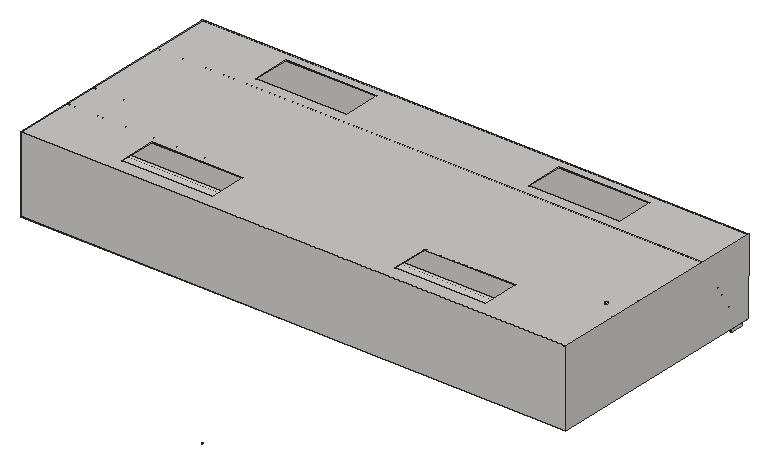
Revit family "QF_ELECTROLUXPROFESSIONAL_641263_STPF1536", category Specialty Equipment, Revit 2014
Reference planes
  plane 1: z = 0
  plane 2 "Center (Left/Right)": x = 150
  plane 3 "LEFT": x = -1650
  plane 4 "RIGHT": x = 1950
  plane 5 "BACK": y = 550
  plane 6 "TOP": z = 2500
  plane 7 "Base": z = 2000
  plane 8: z = 1955
  plane 9 "DrainY": y = 490
  plane 10: x = -1647
  plane 11 "DrainX": x = 1830
  plane 12 "AOLeft2": x = -450
  plane 13 "AORight1": x = 750
  plane 14: x = 1947
  plane 15: x = -1450
  plane 16: x = 1750
  plane 17 "Center (Front/Back)": y = -100
  plane 18 "Front": y = -950
  plane 19 "AOLeft1": x = -1050
  plane 20 "AORight2": x = 1350
  plane 21: y = -864
  plane 22: y = -614
  plane 23: y = 240
  plane 24: y = 490
  plane 25 "EI_y": y = -470
  plane 26 "EIx": x = 1830
Forms (mm)
  Extrusion 1, solid, material "QF_Finishes_Stainless Steel"
    sketch origin (-1650, 0, 360) x (0, 1, 0) y (0, 0, 1)
      loop
        line (550, 1640) -> (550, 2140) -> (-950, 2140) -> (-950, 1640) -> (550, 1640)
    from 0 to 3
  Extrusion 2, solid, material "QF_Finishes_Stainless Steel"
    sketch origin (1950, 0, 360) x (0, 1, 0) y (0, 0, 1)
      loop
        line (550, 1640) -> (550, 2140) -> (-950, 2140) -> (-950, 1640) -> (550, 1640)
    from 0 to -3
  Extrusion 3, solid, material "QF_Finishes_Stainless Steel"
    sketch origin (150, 0, 360) x (0, 1, 0) y (0, 0, 1)
      loop
        line (-950, 2140) -> (-950, 1640) -> (-940, 1640) -> (-940, 1640.8) -> (-949.2, 1640.8) -> (-949.2, 2139.19) -> (549.2, 2139.19) -> (549.2, 1640.8) -> (540, 1640.8) -> (540, 1640) -> (550, 1640) -> (550, 2140) -> (-950, 2140)
    from -1800 to 1800
  Extrusion 4, solid, material "QF_Finishes_Stainless Steel"
    sketch origin (0, 0, 2000) x (0, 1, 0) y (-1, 0, 0)
      loop
        circle (490, -1830) r 4.763
    from -30 to 0
  Extrusion 5, void
    sketch origin (0, 0, 2500) x (0, 1, 0) y (-1, 0, 0)
      loop
        line (-614, 450) -> (-614, 1050) -> (-864, 1050) -> (-864, 450) -> (-614, 450)
    from 0 to -10
  Extrusion 6, solid, material "QF_Finishes_Stainless Steel"
    sketch origin (0, 0, 0) x (1, 0, 0) y (0, 1, 0)
      loop
        line (-1650, 550) -> (-1650, 549) -> (-1649, 549) -> (-1649, 550) -> (-1650, 550)
    from 0 to 1
  Extrusion 7, solid, material "QF_LAMPS"
    sketch origin (150, 0, 360) x (0, 1, 0) y (0, 0, 1)
      loop
        line (-572.823, 1962.324) -> (-418.948, 2086.929) -> (-427.129, 2097.032) -> (-581.003, 1972.426) -> (-572.823, 1962.324)
    from 1797 to -1797
  Sweep 8, solid, material "QF_Finishes_Stainless Steel"
    path origin (0, 0, 0) x (1, 0, 0) y (0, 1, 0)
      loop
        line (1950, 550) -> (-1650, 550) -> (-1650, -950) -> (1950, -950) -> (1950, 550)
    profile origin (1950, -200, 0) x (1, 0, 0) y (0, 0, 1)
      loop
        line (-3, 2000) -> (-3, 2000.8) -> (-19, 2000.8) -> (-19, 2010) -> (-20, 2010) -> (-20, 2000) -> (-3, 2000)
  Extrusion 9, solid, material "QF_Finishes_Stainless Steel"
    sketch origin (150, 0, 0) x (0, 1, 0) y (0, 0, 1)
      loop
        line (414.66, 2095.469) -> (440.643, 2110.471) -> (261.744, 2411.771) -> (235.948, 2396.455) -> (414.66, 2095.469)
    from -1797 to -1600
  Extrusion 10, void
    sketch origin (1134.605, 0, 2500) x (0, 1, 0) y (-1, 0, 0)
      loop
        line (-614, -215.395) -> (-614, 384.605) -> (-864, 384.605) -> (-864, -215.395) -> (-614, -215.395)
    from 0 to -10
  Extrusion 11, solid, material "QF_Finishes_Stainless Steel"
    sketch origin (1830, 0, 0) x (0, 1, 0) y (0, 0, 1)
      loop
        line (539, 2000) -> (441, 2000) -> (441, 1989) -> (448.5, 1989) -> (448.5, 1965)
        arc (448.5, 1965) -> (451.429, 1957.929) -> (458.5, 1955) r 10
        line (458.5, 1955) -> (521.5, 1955)
        arc (521.5, 1955) -> (528.571, 1957.929) -> (531.5, 1965) r 10
        line (531.5, 1965) -> (531.5, 1989) -> (539, 1989) -> (539, 2000)
    from 90 to -90
  Extrusion 12, solid, material "QF_Finishes_Stainless Steel"
    sketch origin (150, 0, 0) x (0, 1, 0) y (0, 0, 1)
      loop
        line (414.66, 2095.469) -> (440.643, 2110.471) -> (261.744, 2411.771) -> (235.948, 2396.455) -> (414.66, 2095.469)
    from 1600 to 1797
  Extrusion 13, solid, material "QF_Finished_Chrome"
    sketch origin (150, 0, 0) x (0, 1, 0) y (0, 0, 1)
      loop
        line (414.66, 2095.469) -> (440.643, 2110.471) -> (261.744, 2411.771) -> (235.948, 2396.455) -> (414.66, 2095.469)
    from -1600 to 1600
  Extrusion 14, void
    sketch origin (0, 1180, 2500) x (0, 1, 0) y (-1, 0, 0)
      loop
        line (-690, 450) -> (-690, 1050) -> (-940, 1050) -> (-940, 450) -> (-690, 450)
    from 0 to -10
  Extrusion 15, void
    sketch origin (1600, 1180, 2500) x (0, 1, 0) y (-1, 0, 0)
      loop
        line (-690, 250) -> (-690, 850) -> (-940, 850) -> (-940, 250) -> (-690, 250)
    from 0 to -10
  Extrusion 16, solid, material "QF_Finishes_Stainless Steel"
    sketch origin (0, 0, 2500) x (0, 1, 0) y (-1, 0, 0)
      loop
        circle (-470, -1830) r 10
    from 0 to 1.6
  Extrusion 17, solid, material "QF_Finishes_Stainless Steel"
    sketch origin (150, 0, 360) x (0, 1, 0) y (0, 0, 1)
      loop
        line (430.005, 1640) -> (540, 1640) -> (540, 1640.8) -> (430.467, 1640.8) -> (371.906, 1742.23) -> (414.858, 1734.657) -> (442.266, 1750.481) -> (442.266, 1765.943) -> (441.466, 1765.943) -> (441.466, 1750.943) -> (414.709, 1735.495) -> (321.153, 1751.991) -> (320.875, 1750.416) -> (371.4, 1741.507) -> (430.005, 1640)
      loop
        line (172.529, 2139.19) -> (242.893, 2017.316) -> (245.133, 2018.715) -> (240.13, 2027.381) -> (238.569, 2026.405) -> (173.453, 2139.19) -> (172.529, 2139.19)
    from -1797 to 1797
  Extrusion 18, solid, material "QF_Finishes_Stainless Steel"
    sketch origin (150, 200.8, 360) x (0, 1, 0) y (0, 0, 1)
      loop
        line (-1150, 2139.19) -> (-1150, 1640) -> (-1086.602, 1640) -> (-999.146, 1690.493) -> (-1010.058, 1709.394) -> (-1066.564, 1676.77) -> (-1114.704, 1680.982) -> (-1149.2, 1730.248) -> (-1149.2, 2139.19) -> (-1150, 2139.19)
      loop
        line (-773.6, 1961.694) -> (-781.937, 1971.99) -> (-769.095, 1982.182) -> (-769.095, 2139.19) -> (-769.895, 2139.19) -> (-769.895, 1982.569) -> (-1082.298, 1734.63) -> (-1071.091, 1720.79) -> (-773.6, 1961.694)
      loop
        line (-627.61, 2099.216) -> (-618.171, 2087.559) -> (-554.411, 2139.19) -> (-555.682, 2139.19) -> (-618.052, 2088.684) -> (-626.989, 2099.719) -> (-627.61, 2099.216)
    from -1797 to 1797
  Extrusion 19, solid, material "QF_Finishes_Stainless Steel"
    sketch origin (0, 0, 2500) x (0, 1, 0) y (-1, 0, 0)
      loop
        circle (-470, -1830) r 10
    from 0 to 1.6
Cuts and joins
  Extrusion 5, Extrusion 10, Extrusion 14, Extrusion 15 cuts Extrusion 3
  joined: Extrusion 2, Extrusion 3, Sweep 8
Lines and regions (mm)
  symbolic lines, style "SpecialityEquipment", detail levels coarse
    curve 1: line (1950, 550, 2500) -> (-1650, 550, 2500)
    curve 2: line (-1650, 550, 2500) -> (-1650, -950, 2500)
    curve 3: line (1950, -950, 2500) -> (1950, 550, 2500)
    curve 4: line (-1650, 550, 0) -> (1950, -950, 0)
    curve 5: line (1950, 550, 0) -> (-1650, -950, 0)
    curve 6: line (-1650, -950, 0) -> (1950, -950, 0)
  symbolic lines, detail levels coarse
    curve 7: line (-1050, 240, 2500) -> (-450, 240, 2500)
    curve 8: line (-1050, 490, 2500) -> (-1050, 240, 2500)
    curve 9: line (-450, 490, 2500) -> (-1050, 490, 2500)
    curve 10: line (-450, 240, 2500) -> (-450, 490, 2500)
    curve 11: line (750, 490, 2500) -> (750, 240, 2500)
    curve 12: line (1350, 490, 2500) -> (750, 490, 2500)
    curve 13: line (750, 240, 2500) -> (1350, 240, 2500)
    curve 14: line (1350, 240, 2500) -> (1350, 490, 2500)
    curve 15: line (-1050, -614, 2500) -> (-450, -614, 2500)
    curve 16: line (-1050, -864, 2500) -> (-1050, -614, 2500)
    curve 17: line (-450, -864, 2500) -> (-1050, -864, 2500)
    curve 18: line (-450, -614, 2500) -> (-450, -864, 2500)
    curve 19: line (750, -614, 2500) -> (1350, -614, 2500)
    curve 20: line (750, -864, 2500) -> (750, -614, 2500)
    curve 21: line (1350, -864, 2500) -> (750, -864, 2500)
    curve 22: line (1350, -614, 2500) -> (1350, -864, 2500)
Dimensions and locks
  plane 3 "LEFT" to plane 4 "RIGHT" = 3600 mm
  equal spacing: plane 3 "LEFT", plane 2 "Center (Left/Right)", plane 4 "RIGHT"
  plane 7 "Base" to plane 8 = 45 mm
  plane 5 "BACK" to plane 9 "DrainY" = 60 mm  (x2)
  plane 3 "LEFT" to plane 10 = 3 mm
  plane 11 "DrainX" to plane 4 "RIGHT" = 120 mm
  plane 14 to plane 4 "RIGHT" = 3 mm
  plane 3 "LEFT" to plane 15 = 200 mm
  plane 16 to plane 4 "RIGHT" = 200 mm
  locked: plane 12 "AOLeft2" to plane 13 "AORight1" at 1200
  equal spacing: plane 12 "AOLeft2", plane 2 "Center (Left/Right)", plane 13 "AORight1"
  locked: plane 7 "Base" to level at 2000
  locked: plane 6 "TOP" to plane 7 "Base" at 500
  locked: plane 19 "AOLeft1" to plane 12 "AOLeft2" at 600
  locked: plane 13 "AORight1" to plane 20 "AORight2" at 600
  locked: plane 22 to plane 21 at 250
  locked: plane 21 to plane 18 "Front" at 86
  locked: plane 24 to plane 23 at 250
  locked: plane 5 "BACK" to plane 24 at 60
  locked: plane 25 "EI_y" to plane 18 "Front" at 480
  locked: plane 26 "EIx" to plane 4 "RIGHT" at 120
  locked: plane 5 "BACK" to plane 18 "Front" at 1500
  plane 5 "BACK" to plane 18 "Front" = 1500 mm
  aligned and locked: level to plane 1
  aligned and locked: plane 4 "RIGHT" to Extrusion 3
  aligned and locked: Extrusion 3 to plane 3 "LEFT"
  aligned and locked: Extrusion 2 to plane 14
  aligned and locked: Extrusion 9 to plane 10
  aligned and locked: Extrusion 5 to plane 19 "AOLeft1"
  aligned and locked: Extrusion 5 to plane 12 "AOLeft2"
  aligned and locked: plane 20 "AORight2" to Extrusion 10
  aligned and locked: plane 13 "AORight1" to Extrusion 10
  aligned and locked: plane 15 to Extrusion 9
  aligned and locked: plane 16 to Extrusion 12
  aligned and locked: plane 14 to Extrusion 12
  aligned and locked: Extrusion 13 to plane 15
  aligned and locked: Extrusion 13 to plane 16
  aligned and locked: plane 14 to Extrusion 7
  aligned and locked: Extrusion 7 to plane 10
  aligned and locked: Extrusion 14 to plane 23
  aligned and locked: plane 24 to Extrusion 14
  aligned and locked: plane 24 to Extrusion 15
  aligned and locked: Extrusion 15 to plane 23
  aligned and locked: plane 13 "AORight1" to Extrusion 15
  aligned and locked: plane 20 "AORight2" to Extrusion 15
  aligned and locked: Extrusion 14 to plane 19 "AOLeft1"
  aligned and locked: Extrusion 14 to plane 12 "AOLeft2"
  aligned and locked: Extrusion 17 to plane 10
  aligned and locked: plane 14 to Extrusion 17
  aligned and locked: Extrusion 5 to plane 21
  aligned and locked: plane 22 to Extrusion 5
  aligned and locked: Extrusion 10 to plane 21
  aligned and locked: Extrusion 18 to plane 10
  aligned and locked: plane 14 to Extrusion 18
Automatic sketch dimensions
  curve 6 to plane 3 "LEFT" = 0 mm
  curve 4 to plane 3 "LEFT" = 0 mm
  curve 5 to plane 4 "RIGHT" = 0 mm
  curve 6 to plane 4 "RIGHT" = 0 mm
  curve 4 to plane 18 "Front" = 0 mm
  curve 5 to plane 5 "BACK" = 0 mm
  curve 4 to plane 5 "BACK" = 0 mm
  Extrusion 1 sketch curve to plane 7 "Base" = 0 mm
  Extrusion 1 sketch curve to plane 18 "Front" = 0 mm
  Extrusion 1 sketch curve to plane 5 "BACK" = 0 mm
  Extrusion 1 sketch curve to plane 6 "TOP" = 0 mm
  Extrusion 2 sketch curve to plane 7 "Base" = 0 mm
  Extrusion 2 sketch curve to plane 18 "Front" = 0 mm
  Extrusion 2 sketch curve to plane 5 "BACK" = 0 mm
  Extrusion 2 sketch curve to plane 6 "TOP" = 0 mm
  Extrusion 3 sketch curve to plane 6 "TOP" = 0 mm
  Extrusion 3 sketch curve to plane 18 "Front" = 0 mm
  Extrusion 3 sketch curve to plane 7 "Base" = 0 mm  (x2)
  Extrusion 3 sketch curve to plane 5 "BACK" = 0 mm
  plane 18 "Front" to Extrusion 3 sketch curve = 0.8 mm
  Extrusion 3 sketch curve to Extrusion 3 sketch curve = 9.2 mm
  plane 7 "Base" to Extrusion 3 sketch curve = 0.8 mm  (x2)
  Extrusion 3 sketch curve to plane 5 "BACK" = 10 mm
  Extrusion 3 sketch curve to plane 5 "BACK" = 0.8 mm
  Extrusion 3 sketch curve to plane 6 "TOP" = 0.81 mm
  Extrusion 4 sketch curve to plane 9 "DrainY" = 0 mm
  Extrusion 4 sketch curve to plane 11 "DrainX" = 0 mm
  Extrusion 5 sketch curve to plane 12 "AOLeft2" = 0 mm
  Extrusion 5 sketch curve to plane 21 = 0 mm
  Extrusion 5 sketch curve to plane 22 = 0 mm
  Extrusion 5 sketch curve to plane 19 "AOLeft1" = 0 mm
  Extrusion 6 sketch curve to plane 3 "LEFT" = 0 mm
  Extrusion 6 sketch curve to plane 5 "BACK" = 0 mm
  plane 3 "LEFT" to Extrusion 6 sketch curve = 1 mm
  Extrusion 6 sketch curve to Extrusion 6 sketch curve = 1 mm
  plane 22 to Extrusion 7 sketch curve = 32.997 mm
  Extrusion 7 sketch curve to Extrusion 7 sketch curve = 8.181 mm  (x2)
  plane 25 "EI_y" to Extrusion 7 sketch curve = 42.871 mm
  Extrusion 7 sketch curve to plane 6 "TOP" = 177.676 mm
  Extrusion 7 sketch curve to Extrusion 7 sketch curve = 10.102 mm
  Extrusion 7 sketch curve to plane 6 "TOP" = 53.071 mm
  Extrusion 7 sketch curve to Extrusion 7 sketch curve = 10.103 mm
  Sweep 8 sketch curve to plane 3 "LEFT" = 0 mm
  Sweep 8 sketch curve to plane 4 "RIGHT" = 0 mm
  Sweep 8 sketch curve to plane 18 "Front" = 0 mm
  Sweep 8 sketch curve to plane 5 "BACK" = 0 mm
  profile plane to Sweep 8 sketch curve = 20 mm
  Sweep 8 sketch curve to Sweep 8 sketch curve = 1 mm
  profile plane to Sweep 8 sketch curve = 3 mm
  level to Sweep 8 sketch curve = 2000 mm
  Sweep 8 sketch curve to Sweep 8 sketch curve = 0.8 mm
  Sweep 8 sketch curve to Sweep 8 sketch curve = 9.2 mm
  Extrusion 9 sketch curve to plane 23 = 4.052 mm
  plane 23 to Extrusion 9 sketch curve = 21.744 mm
  Extrusion 9 sketch curve to plane 9 "DrainY" = 75.34 mm
  Extrusion 9 sketch curve to Extrusion 9 sketch curve = 25.983 mm
  plane 7 "Base" to Extrusion 9 sketch curve = 95.469 mm
  Extrusion 9 sketch curve to Extrusion 9 sketch curve = 15.001 mm
  Extrusion 9 sketch curve to plane 6 "TOP" = 103.545 mm
  Extrusion 9 sketch curve to Extrusion 9 sketch curve = 15.316 mm
  Extrusion 10 sketch curve to plane 20 "AORight2" = 0 mm
  Extrusion 10 sketch curve to plane 21 = 0 mm
  Extrusion 10 sketch curve to plane 22 = 0 mm
  Extrusion 10 sketch curve to plane 13 "AORight1" = 0 mm
  Extrusion 11 sketch curve to plane 8 = 0 mm
  Extrusion 11 sketch curve to plane 7 "Base" = 11 mm  (x2)
  Extrusion 11 sketch curve to plane 9 "DrainY" = 49 mm
  Extrusion 11 sketch curve to Extrusion 11 sketch curve = 7.5 mm  (x2)
  Extrusion 11 sketch curve to Extrusion 11 sketch curve = 10 mm
  Extrusion 11 sketch curve to plane 5 "BACK" = 28.5 mm
  Extrusion 11 sketch curve to plane 5 "BACK" = 18.5 mm
  plane 7 "Base" to Extrusion 11 sketch curve = 0 mm
  Extrusion 12 sketch curve to plane 23 = 4.052 mm
  plane 23 to Extrusion 12 sketch curve = 21.744 mm
  Extrusion 12 sketch curve to plane 9 "DrainY" = 75.34 mm
  Extrusion 12 sketch curve to Extrusion 12 sketch curve = 25.983 mm
  plane 7 "Base" to Extrusion 12 sketch curve = 95.469 mm
  Extrusion 12 sketch curve to Extrusion 12 sketch curve = 15.001 mm
  Extrusion 12 sketch curve to plane 6 "TOP" = 103.545 mm
  Extrusion 12 sketch curve to Extrusion 12 sketch curve = 15.316 mm
  Extrusion 13 sketch curve to plane 23 = 4.052 mm
  plane 23 to Extrusion 13 sketch curve = 21.744 mm
  Extrusion 13 sketch curve to plane 9 "DrainY" = 75.34 mm
  Extrusion 13 sketch curve to Extrusion 13 sketch curve = 25.983 mm
  plane 7 "Base" to Extrusion 13 sketch curve = 95.469 mm
  Extrusion 13 sketch curve to Extrusion 13 sketch curve = 15.001 mm
  Extrusion 13 sketch curve to plane 6 "TOP" = 103.545 mm
  Extrusion 13 sketch curve to Extrusion 13 sketch curve = 15.316 mm
  Extrusion 14 sketch curve to plane 12 "AOLeft2" = 0 mm
  Extrusion 14 sketch curve to plane 23 = 0 mm
  Extrusion 14 sketch curve to plane 9 "DrainY" = 0 mm
  Extrusion 14 sketch curve to plane 19 "AOLeft1" = 0 mm
  Extrusion 15 sketch curve to plane 20 "AORight2" = 0 mm
  Extrusion 15 sketch curve to plane 23 = 0 mm
  Extrusion 15 sketch curve to plane 9 "DrainY" = 0 mm
  Extrusion 15 sketch curve to plane 13 "AORight1" = 0 mm
  Extrusion 16 sketch curve to plane 25 "EI_y" = 0 mm
  Extrusion 16 sketch curve to plane 26 "EIx" = 0 mm
  Extrusion 17 sketch curve to plane 7 "Base" = 0 mm
  Extrusion 17 sketch curve to plane 6 "TOP" = 0.81 mm
  Extrusion 17 sketch curve to plane 23 = 67.471 mm
  Extrusion 17 sketch curve to Extrusion 17 sketch curve = 0.924 mm
  Extrusion 17 sketch curve to plane 23 = 1.431 mm
  plane 23 to Extrusion 17 sketch curve = 0.13 mm
  plane 23 to Extrusion 17 sketch curve = 2.893 mm
  Extrusion 17 sketch curve to Extrusion 17 sketch curve = 2.24 mm
  plane 23 to Extrusion 17 sketch curve = 80.875 mm
  Extrusion 17 sketch curve to Extrusion 17 sketch curve = 0.278 mm
  Extrusion 17 sketch curve to Extrusion 17 sketch curve = 50.525 mm
  Extrusion 17 sketch curve to Extrusion 17 sketch curve = 0.506 mm
  Extrusion 17 sketch curve to Extrusion 17 sketch curve = 42.803 mm
  Extrusion 17 sketch curve to Extrusion 17 sketch curve = 0.148 mm
  Extrusion 17 sketch curve to plane 9 "DrainY" = 59.995 mm
  plane 7 "Base" to Extrusion 17 sketch curve = 0.8 mm
  Extrusion 17 sketch curve to Extrusion 17 sketch curve = 0.462 mm  (x2)
  Extrusion 17 sketch curve to Extrusion 17 sketch curve = 109.533 mm
  Extrusion 17 sketch curve to Extrusion 17 sketch curve = 26.757 mm
  Extrusion 17 sketch curve to Extrusion 17 sketch curve = 0.8 mm
  plane 7 "Base" to Extrusion 17 sketch curve = 94.657 mm
  Extrusion 17 sketch curve to Extrusion 17 sketch curve = 0.838 mm
  Extrusion 17 sketch curve to Extrusion 17 sketch curve = 6.012 mm
  Extrusion 17 sketch curve to Extrusion 17 sketch curve = 0.723 mm
  Extrusion 17 sketch curve to Extrusion 17 sketch curve = 14.986 mm
  Extrusion 17 sketch curve to Extrusion 17 sketch curve = 15 mm
  Extrusion 17 sketch curve to plane 6 "TOP" = 122.684 mm
  Extrusion 17 sketch curve to Extrusion 17 sketch curve = 1.399 mm
  Extrusion 17 sketch curve to Extrusion 17 sketch curve = 9.089 mm
  Extrusion 17 sketch curve to Extrusion 17 sketch curve = 0.975 mm
  Extrusion 18 sketch curve to plane 7 "Base" = 0 mm
  plane 18 "Front" to Extrusion 18 sketch curve = 0.8 mm
  Extrusion 18 sketch curve to Extrusion 18 sketch curve = 0.8 mm  (x2)
  plane 18 "Front" to Extrusion 18 sketch curve = 36.096 mm
  Extrusion 18 sketch curve to plane 21 = 21.802 mm
  Extrusion 18 sketch curve to plane 21 = 17.498 mm
  Extrusion 18 sketch curve to plane 21 = 6.291 mm
  Extrusion 18 sketch curve to plane 21 = 1.764 mm
  plane 21 to Extrusion 18 sketch curve = 54.742 mm
  Extrusion 18 sketch curve to Extrusion 18 sketch curve = 10.912 mm
  plane 22 to Extrusion 18 sketch curve = 32.863 mm
  Extrusion 18 sketch curve to Extrusion 18 sketch curve = 8.337 mm
  Extrusion 18 sketch curve to Extrusion 18 sketch curve = 12.042 mm
  plane 25 "EI_y" to Extrusion 18 sketch curve = 43.19 mm
  Extrusion 18 sketch curve to Extrusion 18 sketch curve = 0.622 mm
  Extrusion 18 sketch curve to Extrusion 18 sketch curve = 9.44 mm
  Extrusion 18 sketch curve to Extrusion 18 sketch curve = 0.118 mm
  Extrusion 18 sketch curve to plane 6 "TOP" = 0.81 mm  (x3)
  Extrusion 18 sketch curve to Extrusion 18 sketch curve = 62.37 mm
  Extrusion 18 sketch curve to Extrusion 18 sketch curve = 1.271 mm
  plane 7 "Base" to Extrusion 18 sketch curve = 36.77 mm
  plane 7 "Base" to Extrusion 18 sketch curve = 40.982 mm
  plane 7 "Base" to Extrusion 18 sketch curve = 50.493 mm
  Extrusion 18 sketch curve to Extrusion 18 sketch curve = 18.901 mm
  Extrusion 18 sketch curve to Extrusion 18 sketch curve = 44.02 mm
  Extrusion 18 sketch curve to Extrusion 18 sketch curve = 49.266 mm
  Extrusion 18 sketch curve to Extrusion 18 sketch curve = 13.84 mm
  Extrusion 18 sketch curve to plane 6 "TOP" = 178.306 mm
  Extrusion 18 sketch curve to Extrusion 18 sketch curve = 10.296 mm
  Extrusion 18 sketch curve to Extrusion 18 sketch curve = 10.192 mm
  Extrusion 18 sketch curve to Extrusion 18 sketch curve = 0.386 mm
  Extrusion 18 sketch curve to plane 6 "TOP" = 52.441 mm
  Extrusion 18 sketch curve to Extrusion 18 sketch curve = 1.125 mm
  Extrusion 19 sketch curve to plane 25 "EI_y" = 0 mm
  Extrusion 19 sketch curve to plane 26 "EIx" = 0 mm
  curve 2 to plane 3 "LEFT" = 0 mm
  curve 2 to plane 18 "Front" = 0 mm
  curve 3 to plane 4 "RIGHT" = 0 mm
  curve 3 to plane 18 "Front" = 0 mm
  curve 21 to plane 13 "AORight1" = 0 mm
  curve 21 to plane 21 = 0 mm
  curve 18 to plane 12 "AOLeft2" = 0 mm
  curve 18 to plane 21 = 0 mm
  curve 19 to plane 20 "AORight2" = 0 mm
  curve 19 to plane 22 = 0 mm
  curve 15 to plane 22 = 0 mm
  curve 13 to plane 13 "AORight1" = 0 mm
  curve 13 to plane 23 = 0 mm
  curve 10 to plane 12 "AOLeft2" = 0 mm
  curve 10 to plane 23 = 0 mm
  curve 14 to plane 9 "DrainY" = 0 mm
  curve 10 to plane 9 "DrainY" = 0 mm
  curve 2 to plane 5 "BACK" = 0 mm
  curve 14 to plane 20 "AORight2" = 0 mm
  curve 17 to plane 19 "AOLeft1" = 0 mm
  curve 7 to plane 19 "AOLeft1" = 0 mm
  radius of Extrusion 4 sketch curve = 4.763 mm
  radius of Extrusion 16 sketch curve = 10 mm
  radius of Extrusion 19 sketch curve = 10 mm
Connectors
  piping at (1830, 490, 1970), diameter 9.5
    settings: on Extrusion 4, index 1, connector inside diameter 609.6 mm, connector length 0 mm, flow factor 0, pipe flow 0.0 L/s, pressure drop 0.0 Pa, fitting loss kfactor 0, connector angle 0.00°, fixture units 0, engagement length 0 mm, angle of deflection 0.00°, flow configuration 1, flow direction 2, fitting loss method 0, system type 16, joint type 0, gender type 0, connector reference index -1, connector utility 0, adjustable connector no, is connector primary yes, connector description "Drain"
  hvac at (-750, -739, 2500)
    settings: on Extrusion 5, index 2, duct flow 0.0 L/s, flow factor 0, pres drop 0.0 Pa, loss coef 0, conn angle 0.00°, conn width 250 mm, conn height 600 mm, conn diameter 609.6 mm, duct sys type 1, conn prof type 1, flow config 1, flow direction 1, loss method 0, conn ref index -1, conn util no, is conn primary yes, conn desc "AIR INLET"
  hvac at (1050, -739, 2500)
    settings: on Extrusion 10, index 3, duct flow 0.0 L/s, flow factor 0, pres drop 0.0 Pa, loss coef 0, conn angle 0.00°, conn width 250 mm, conn height 600 mm, conn diameter 609.6 mm, duct sys type 1, conn prof type 1, flow config 1, flow direction 1, loss method 0, conn ref index -1, conn util no, is conn primary no, conn desc "AIR INLET"
  hvac at (-750, 365, 2500)
    settings: on Extrusion 14, index 4, duct flow 0.0 L/s, flow factor 0, pres drop 0.0 Pa, loss coef 0, conn angle 0.00°, conn width 250 mm, conn height 600 mm, conn diameter 609.6 mm, duct sys type 3, conn prof type 1, flow config 1, flow direction 2, loss method 0, conn ref index -1, conn util no, is conn primary no, conn desc "EXHAUST OUTLET"
  hvac at (1050, 365, 2500)
    settings: on Extrusion 15, index 5, duct flow 0.0 L/s, flow factor 0, pres drop 0.0 Pa, loss coef 0, conn angle 0.00°, conn width 250 mm, conn height 600 mm, conn diameter 609.6 mm, duct sys type 3, conn prof type 1, flow config 1, flow direction 2, loss method 0, conn ref index -1, conn util no, is conn primary no, conn desc "EXHAUST OUTLET"
  electrical at (1830, -470, 2501.6)
    settings: on Extrusion 16, index 6, voltage 0 V, apparent load 0 VA, apparent load phase1 0 VA, apparent load phase2 0 VA, apparent load phase3 0 VA, power factor 1, load classification "Other", number of poles 1, system type 30, power factor state 1, is connector primary yes, connector utility no, sub classification motor no, connector description "Electrical Connection"
  electrical at (1830, -470, 2501.6)
    settings: on Extrusion 19, index 12, voltage 0 V, apparent load 0 VA, apparent load phase1 0 VA, apparent load phase2 0 VA, apparent load phase3 0 VA, power factor 1, load classification "Other", number of poles 1, system type 30, power factor state 1, is connector primary no, connector utility no, sub classification motor no, connector description ""
